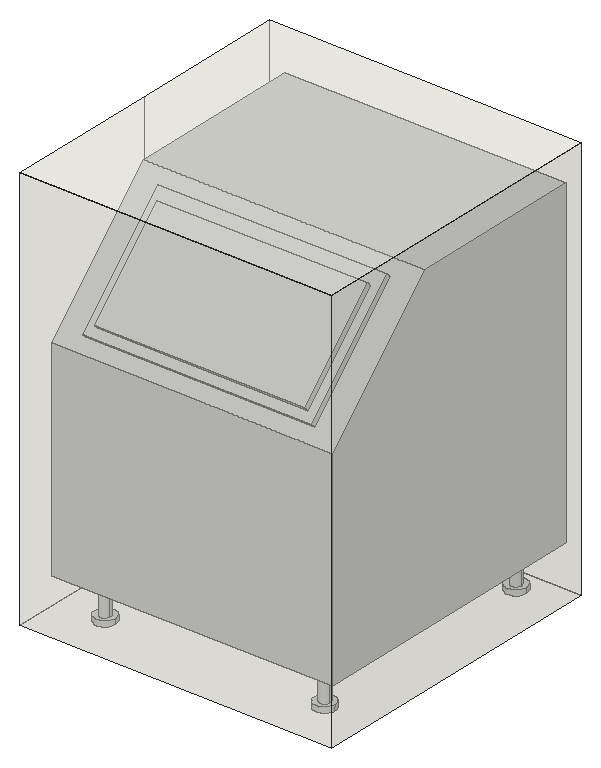
Revit family "R4700 - Ice Maker, Cubes, 250 Pound", category Specialty Equipment, Revit 2016
Family settings
  Part Type = Normal
  Round Connector Dimension = Use Diameter
  Work Plane-Based = No
  Always vertical = Yes
  Cut with Voids When Loaded = No
  Shared = No
  Room Calculation Point = No
Parameters
  Youtube clip = ""
  Weight_IP = 200
  Weight Net (Kg) = 0
  Watts2 = "0"
  Watts1 = "2400"
  Unit_Issue = "EA"
  Uniclass 2.0 Description = ""
  Uniclass 2.0 Code = ""
  Uniclass 1.4 Description = ""
  Uniclass 1.4 Code = ""
  UTIL_6_Misc = "-"
  UTIL_5_NonMedGas = "-"
  UTIL_4_MiscGas = "-"
  UTIL_3_MedGas = "-"
  UTIL_2_Elec = "B"
  UTIL_1_WaterDrain = "B"
  UNSPSC Code = ""
  Technical description = ""
  Region South America = "None"
  Region Oceania = "None"
  Region North America = "US"
  Region Middle East = "None"
  Region Europe = "None"
  Region Asia = "None"
  Region Antarctica = "None"
  Region Africa = "None"
  QR code = "http://bimobject.com/seps2bim/product/R4700"
  Product group = ""
  Product family = ""
  Product data url = "https://bimobject.com/seps2bim/product/R4700"
  Product certification = ""
  Product SKU = "R4700"
  Product Guid = "6d04efec-0158-4164-b059-a62bf3ded84a"
  OmniClass Description = ""
  OmniClass Code = ""
  Nominal width = 760
  Nominal height = 990
  Nomenclature = "Ice Maker, Cubes, 250 Pound"
  NSN = "4110"
  NBS Reference Description = ""
  NBS Reference Code = ""
  Material secondary = ""
  Material main = ""
  Manufacturer name = "SEPS2BIM"
  Manufacturer country = "United States"
  Location [instance] = ""
  JSN = "R4700"
  Installation instructions = ""
  IFC Classification = ""
  Fund_Source_VA = "-"
  Fund_Source_Navy = "-"
  Fund_Source_Army = "-"
  Fund_Source_AF = "-"
  Edition number = 1
  ELEC_Volts2 = "0"
  ELEC_Volts1 = "120"
  ELEC_Phase2 = "0"
  ELEC_Phase1 = "1"
  ELEC_HertzSwitch = "0"
  ELEC_HertzDependent = "-1"
  ELEC_Hertz = "60"
  ELEC_Amps2 = "0"
  ELEC_Amps1 = "20"
  EAN code = ""
  DetailDescription = "Ice cube maker approximately 39\" H x 29\" D x 26\" W. This unit is self-contained and provides 250 pounds of ice every 24 hours. The exterior is made of sturdy stainless steel. It is used in hospitals, hotels, and restaurants for dispensing ice."
  Design country = "United States"
  Description = "Ice cube maker approximately 39\" H x 29\" D x 26\" W. This unit is self-contained and provides 250 pounds of ice every 24 hours. The exterior is made of sturdy stainless steel. It is used in hospitals, hotels, and restaurants for dispensing ice."
  Date of publishing = "2014-08-12"
  DIM_Width_IP = 2' - 6"
  DIM_Height_IP = 3' - 3"
  DIM_Depth_IP = 2' - 6"
  COBIe Type Category = ""
  CAT_VA = "A"
  CAT_Navy = "A"
  CAT_IHS = "-"
  CAT_Army = "A"
  CAT_AF = "A"
  BTUperhour = "0"
  BIMobject category = ""
Reference planes (in)
  plane 1 "Center (Front/Back)": y = 0
  plane 2: z = 0
  plane 3 "Center (Left/Right)": x = 0
  plane 4: z = 39
  plane 5: x = -15
  plane 6: x = 15
  plane 7: y = 15
  plane 8: y = -15
Forms (in)
  Extrusion 1, solid, material "EquipSpace"
    sketch origin (0, 0, 0) x (1, 0, 0) y (0, 1, 0)
      loop
        line (-15, 0) -> (-15, -15) -> (15, -15) -> (15, 15) -> (-15, 15) -> (-15, 0)
    from 0 to 39
  Extrusion 2, solid
    sketch origin (2.75, 0, 0) x (1, 0, 0) y (0, 1, 0)
      loop
        circle (-13.31511, 12.67679) r 1
    from 0 to 0.5
  Extrusion 3, solid
    sketch origin (2.75, 0, 0) x (1, 0, 0) y (0, 1, 0)
      loop
        circle (-13.31511, 12.67679) r 0.5
    from 0.5 to 4
  Extrusion 4, solid
    sketch origin (-13.5, 2, 0) x (0, 1, 0) y (0, 0, 1)
      loop
        line (13, 4) -> (13, 35) -> (-4, 35) -> (-15, 24) -> (-15, 4) -> (13, 4)
    from 0 to 27
  Extrusion 5, solid
    sketch origin (-2.75, 0, 0) x (-1, 0, 0) y (0, -1, 0)
      loop
        circle (-13.31511, -12.67679) r 1
    from 0 to 0.5
  Extrusion 6, solid
    sketch origin (-2.75, 0, 0) x (-1, 0, 0) y (0, -1, 0)
      loop
        circle (-13.31511, -12.67679) r 0.5
    from 0.5 to 4
  Extrusion 7, solid
    sketch origin (2.75, -23, 0) x (1, 0, 0) y (0, 1, 0)
      loop
        circle (-13.31511, 12.67679) r 1
    from 0 to 0.5
  Extrusion 8, solid
    sketch origin (2.75, -23, 0) x (1, 0, 0) y (0, 1, 0)
      loop
        circle (-13.31511, 12.67679) r 0.5
    from 0.5 to 4
  Extrusion 9, solid
    sketch origin (-2.75, -23, 0) x (-1, 0, 0) y (0, -1, 0)
      loop
        circle (-13.31511, -12.67679) r 1
    from 0 to 0.5
  Extrusion 10, solid
    sketch origin (-2.75, -23, 0) x (-1, 0, 0) y (0, -1, 0)
      loop
        circle (-13.31511, -12.67679) r 0.5
    from 0.5 to 4
  Extrusion 11, solid
    sketch origin (0, -0.35355, 0.35355) x (0, 1, 0) y (0, 0, 1)
      loop
        line (-11.40222, 25.59778) -> (-3.91158, 33.08842) -> (-4.26513, 33.44197) -> (-11.75577, 25.95134) -> (-11.40222, 25.59778)
    from -10.11829 to 10.08965
  Extrusion 12, solid
    sketch origin (-0.125, 0, 0) x (0, 1, 0) y (0, 0, 1)
      loop
        line (-12.04331, 24.95669) -> (-3.0277, 33.9723) -> (-3.38125, 34.32586) -> (-12.39686, 25.31025) -> (-12.04331, 24.95669)
    from -10.92413 to 11.08145
Dimensions and locks (in)
  "DIM_Height_IP": plane 4 to plane 2
  equal spacing: plane 5, plane 3 "Center (Left/Right)", plane 6
  "DIM_Width_IP": plane 5 to plane 6
  equal spacing: plane 7, plane 1 "Center (Front/Back)", plane 8
  "DIM_Depth_IP": plane 7 to plane 8
  aligned and locked: level to plane 2
  aligned and locked: plane 4 to Extrusion 1
  aligned and locked: plane 7 to Extrusion 1
  aligned and locked: plane 5 to Extrusion 1
  aligned and locked: Extrusion 1 to plane 8
  aligned and locked: Extrusion 1 to plane 6
Automatic sketch dimensions
  plane 1 "Center (Front/Back)" to Extrusion 1 sketch curve = 0' - 0"
  Extrusion 1 sketch curve to plane 5 = 0' - 0"
  Extrusion 1 sketch curve to plane 6 = 0' - 0"
  Extrusion 1 sketch curve to plane 8 = 0' - 0"
  Extrusion 1 sketch curve to plane 7 = 0' - 0"
  Extrusion 2 sketch curve to plane 5 = 0' - 4.43489"
  Extrusion 2 sketch curve to plane 7 = 0' - 2.32321"
  Extrusion 3 sketch curve to plane 5 = 0' - 4.43489"
  Extrusion 3 sketch curve to plane 7 = 0' - 2.32321"
  Extrusion 4 sketch curve to plane 7 = 0' - 0"
  plane 1 "Center (Front/Back)" to Extrusion 4 sketch curve = 0' - 2"
  plane 8 to Extrusion 4 sketch curve = 0' - 2"
  level to Extrusion 4 sketch curve = 0' - 4"
  Extrusion 4 sketch curve to plane 4 = 1' - 3"
  Extrusion 4 sketch curve to plane 4 = 0' - 4"
  Extrusion 5 sketch curve to plane 6 = 0' - 4.43489"
  plane 7 to Extrusion 5 sketch curve = 0' - 2.32321"
  Extrusion 6 sketch curve to plane 6 = 0' - 4.43489"
  plane 7 to Extrusion 6 sketch curve = 0' - 2.32321"
  Extrusion 7 sketch curve to plane 5 = 0' - 4.43489"
  plane 8 to Extrusion 7 sketch curve = 0' - 4.67679"
  Extrusion 8 sketch curve to plane 5 = 0' - 4.43489"
  plane 8 to Extrusion 8 sketch curve = 0' - 4.67679"
  Extrusion 9 sketch curve to plane 6 = 0' - 4.43489"
  Extrusion 9 sketch curve to plane 8 = 0' - 4.67679"
  Extrusion 10 sketch curve to plane 6 = 0' - 4.43489"
  Extrusion 10 sketch curve to plane 8 = 0' - 4.67679"
  plane 8 to Extrusion 11 sketch curve = 0' - 2.89068"
  Extrusion 11 sketch curve to Extrusion 11 sketch curve = 0' - 0.35355"  (x2)
  plane 1 "Center (Front/Back)" to Extrusion 11 sketch curve = 0' - 4.61869"
  Extrusion 11 sketch curve to plane 4 = 1' - 1.04866"
  plane 8 to Extrusion 12 sketch curve = 0' - 2.60314"
  Extrusion 12 sketch curve to Extrusion 12 sketch curve = 0' - 0.35355"  (x2)
  plane 1 "Center (Front/Back)" to Extrusion 12 sketch curve = 0' - 3.38125"
  Extrusion 12 sketch curve to plane 4 = 1' - 2.04331"
  radius of Extrusion 2 sketch curve = 0' - 1"
  radius of Extrusion 3 sketch curve = 0' - 0 1/2"
  radius of Extrusion 5 sketch curve = 0' - 1"
  radius of Extrusion 6 sketch curve = 0' - 0 1/2"
  radius of Extrusion 7 sketch curve = 0' - 1"
  radius of Extrusion 8 sketch curve = 0' - 0 1/2"
  radius of Extrusion 9 sketch curve = 0' - 1"
  radius of Extrusion 10 sketch curve = 0' - 0 1/2"
